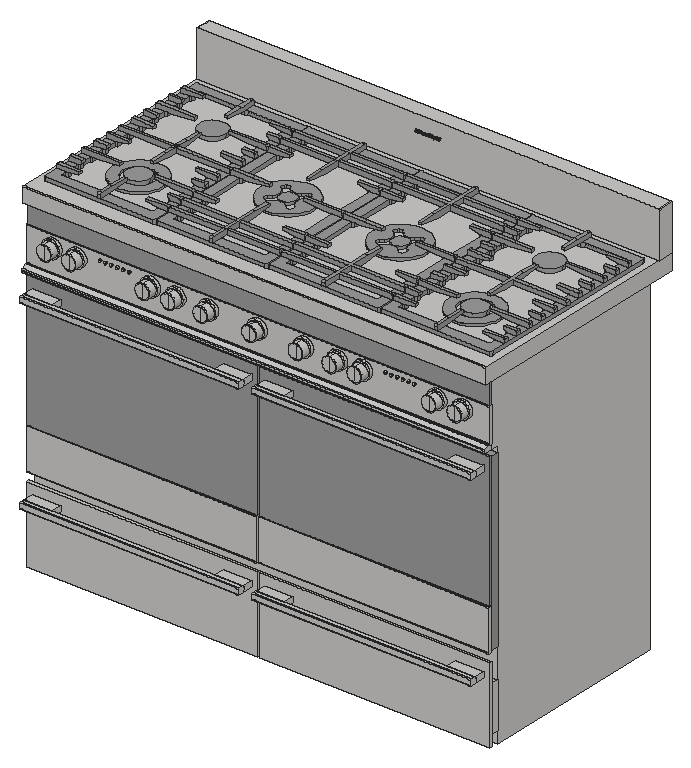
Revit family "Fisher & Paykel Cooker OR120DDWG", category Generic Models, host Floor, Revit 2013
Parameters (values of type "Fisher & Paykel - Freestanding Cooker OR129DDWG")
  URL = "http://www.fisherpaykel.com"
  Model = "OR120DDWG"
  Manufacturer = "Fisher & Paykel"
  Description = "Fisher & Paykel - Freestanding Cooker OR129DDWG"
  Cooktop = Iron, Cast
  Cooker = Stainless Steel
  Black Finish = Plastic, Opaque Black
Reference planes (in)
  plane 1 "Center (Front/Back)": y = 0
  plane 2: z = 0
  plane 3 "Center (Left/Right)": x = 0
Dimensions and locks (in)
  equal spacing: host sketch curve, plane 1 "Center (Front/Back)", host sketch curve
  equal spacing: host sketch curve, plane 3 "Center (Left/Right)", host sketch curve
  host sketch curve to host sketch curve = 10' - 0"  (x2)
  aligned and locked: level to plane 2
Nested families (in)
  nested 1: "old_Fisher & Paykel Cooker OR120DDWG" at (0, 0, 0), type "Fisher & Paykel - Cooker OR120DDWG"
Definition of nested family "old_Fisher & Paykel Cooker OR120DDWG"
  Parameters (values of type "Fisher & Paykel - Cooker OR120DDWG")
    URL = "http://www.fisherpaykel.com"
    Model = "OR120DDWG"
    Manufacturer = "Fisher & Paykel"
    Cooktop = Iron, Cast
    Cooker = Stainless Steel
    Black Finish = Plastic, Opaque Black
  Reference planes (in)
    plane 1 "Center (Front/Back)": y = 0
    plane 2: z = 0
    plane 3 "Center (Left/Right)": x = 0
    plane 4: z = 0
    plane 5: z = 0
  Forms (in)
    Extrusion 1, solid, material "Stainless Steel" <- "Cooker"
      sketch origin (0, 0, -0.2761) x (0, 1, 0) y (0, 0, 1)
        loop
          line (-11.14173, 28.62256) -> (-10.31496, 28.62256) -> (-10.31496, 1.53594) -> (9.05512, 1.53594) -> (9.05512, 34.92177) -> (-11.14173, 34.92177) -> (-11.14173, 28.62256)
      from -23.52362 to 23.52362
    Extrusion 2, solid, material "Plastic, Opaque Black" <- "Black Finish"
      sketch origin (23.52362, 0, -0.2761) x (0, 1, 0) y (0, 0, 1)
        loop
          line (-11.24409, 10.22098) -> (-11.14173, 10.22098) -> (-11.14173, 28.11075) -> (-11.29921, 28.11075) -> (-11.29921, 14.41783)
          arc (-11.29921, 14.41783) -> (-11.28538, 14.38443) -> (-11.25197, 14.37059) r 0.04724
          line (-11.25197, 14.37059) -> (-11.22047, 14.37059)
          arc (-11.22047, 14.37059) -> (-11.19263, 14.35906) -> (-11.1811, 14.33122) r 0.03937
          line (-11.1811, 14.33122) -> (-11.1811, 10.32334)
          arc (-11.1811, 10.32334) -> (-11.19384, 10.28536) -> (-11.22691, 10.26274) r 0.06299
          arc (-11.22691, 10.26274) -> (-11.24221, 10.24462) -> (-11.24409, 10.22098) r 0.03876
      from -23.4252 to 0
    Extrusion 3, solid, material "Stainless Steel" <- "Cooker"
      sketch origin (23.52362, -0.57174, -2.03572) x (0, 1, 0) y (0, 0, 1)
        loop
          line (-10.60937, 11.95698) -> (-10.60937, 16.20895) -> (-10.76291, 16.20895)
          arc (-10.76291, 16.20895) -> (-10.79353, 16.19627) -> (-10.80622, 16.16565) r 0.04331
          line (-10.80622, 16.16565) -> (-10.80622, 12.00029)
          arc (-10.80622, 12.00029) -> (-10.79353, 11.96967) -> (-10.76291, 11.95698) r 0.04331
          line (-10.76291, 11.95698) -> (-10.60937, 11.95698)
      from -23.4252 to 0
    Extrusion 4, solid, material "Plastic, Opaque Black" <- "Black Finish"
      sketch origin (23.52362, 0.51867, -0.36756) x (0, 1, 0) y (0, 0, 1)
        loop
          line (-11.6604, 28.16283) -> (-11.6604, 10.4463) -> (-10.83363, 10.4463) -> (-10.83363, 28.16283) -> (-11.6604, 28.16283)
      from -23.4252 to 0
    Extrusion 5, solid, material "Stainless Steel" <- "Cooker"
      sketch origin (23.52362, -2.64846, -6.92817) x (0, 1, 0) y (0, 0, 1)
        loop
          line (-8.41454, 15.98329) -> (-8.65076, 15.98329) -> (-8.65076, 8.18801) -> (-8.41454, 8.18801) -> (-8.41454, 15.98329)
      from -23.4252 to 0
    Extrusion 6, solid, material "Stainless Steel" <- "Cooker"
      sketch origin (23.52362, 2.57414, -4.40164) x (0, 1, 0) y (0, 0, 1)
        loop
          line (-13.63713, 6.84259) -> (-12.8891, 6.84259) -> (-12.8891, 11.48825) -> (-13.63713, 11.48825) -> (-13.63713, 6.84259)
      from -23.4252 to 0
    Extrusion 7, solid, material "Stainless Steel" <- "Cooker"
      sketch origin (23.52362, -4.55535, -6.76134) x (0, 1, 0) y (0, 0, 1)
        loop
          line (-7.90396, 14.83221) -> (-8.33835, 14.83221)
          arc (-8.33835, 14.83221) -> (-8.38011, 14.81491) -> (-8.39741, 14.77315) r 0.05906
          line (-8.39741, 14.77315) -> (-8.39741, 14.26134)
          arc (-8.39741, 14.26134) -> (-8.38011, 14.21958) -> (-8.33835, 14.20228) r 0.05906
          line (-8.33835, 14.20228) -> (-7.90396, 14.20228)
          arc (-7.90396, 14.20228) -> (-7.88695, 14.20615) -> (-7.87328, 14.21697) r 0.03937
          arc (-7.87328, 14.21697) -> (-7.76748, 14.51724) -> (-7.87328, 14.81752) r 0.479
          arc (-7.87328, 14.81752) -> (-7.88695, 14.82834) -> (-7.90396, 14.83221) r 0.03937
      from -22.83465 to -0.59843
    Extrusion 8, solid, material "Stainless Steel" <- "Cooker"
      sketch origin (0.09843, -4.55535, -6.76134) x (0, 1, 0) y (0, 0, -1)
        loop
          line (-6.74386, -14.82039) -> (-6.74386, -14.2141) -> (-7.87562, -14.2141)
          arc (-7.87562, -14.2141) -> (-7.76748, -14.51724) -> (-7.87562, -14.82039) r 0.479
          line (-7.87562, -14.82039) -> (-6.74386, -14.82039)
      from -3.4252 to -0.59843
    Extrusion 9, solid, material "Stainless Steel" <- "Cooker"
      sketch origin (23.52362, -4.55535, 12.01819) x (0, 1, 0) y (0, 0, 1)
        loop
          line (-7.90396, 14.83221) -> (-8.33835, 14.83221)
          arc (-8.33835, 14.83221) -> (-8.38011, 14.81491) -> (-8.39741, 14.77315) r 0.05906
          line (-8.39741, 14.77315) -> (-8.39741, 14.26134)
          arc (-8.39741, 14.26134) -> (-8.38011, 14.21958) -> (-8.33835, 14.20228) r 0.05906
          line (-8.33835, 14.20228) -> (-7.90396, 14.20228)
          arc (-7.90396, 14.20228) -> (-7.88695, 14.20615) -> (-7.87328, 14.21697) r 0.03937
          arc (-7.87328, 14.21697) -> (-7.76748, 14.51724) -> (-7.87328, 14.81752) r 0.479
          arc (-7.87328, 14.81752) -> (-7.88695, 14.82834) -> (-7.90396, 14.83221) r 0.03937
      from -22.83465 to -0.59843
    Extrusion 10, solid, material "Stainless Steel" <- "Cooker"
      sketch origin (0.09843, -4.55535, 12.01819) x (0, 1, 0) y (0, 0, -1)
        loop
          line (-6.74386, -14.82039) -> (-6.74386, -14.2141) -> (-7.87562, -14.2141)
          arc (-7.87562, -14.2141) -> (-7.76748, -14.51724) -> (-7.87562, -14.82039) r 0.479
          line (-7.87562, -14.82039) -> (-6.74386, -14.82039)
      from -3.4252 to -0.59843
    Revolve 11, solid, material "Stainless Steel" <- "Cooker"
      sketch origin (-0.01969, -0.57174, -2.03572) x (0, 1, 0) y (0, 0, 1)
        loop
          line (-11.88496, 34.08297) -> (-11.92433, 34.04359) -> (-11.92433, 33.33493) -> (-10.7511, 33.33493) -> (-10.7511, 34.24045) -> (-11.04263, 34.24045) -> (-11.10543, 34.12234) -> (-11.10543, 34.08297) -> (-11.88496, 34.08297)
        axis (-11.92433, 33.33493) -> (-10.7511, 33.33493)
      angle from 0 to 360
    Revolve 12, solid, material "Stainless Steel" <- "Cooker"
      sketch origin (4.70472, -0.57174, -2.03572) x (0, 1, 0) y (0, 0, 1)
        loop
          line (-11.88496, 34.08297) -> (-11.92433, 34.04359) -> (-11.92433, 33.33493) -> (-10.7511, 33.33493) -> (-10.7511, 34.24045) -> (-11.04263, 34.24045) -> (-11.10543, 34.12234) -> (-11.10543, 34.08297) -> (-11.88496, 34.08297)
        axis (-11.92433, 33.33493) -> (-10.7511, 33.33493)
      angle from 0 to 360
    Revolve 13, solid, material "Stainless Steel" <- "Cooker"
      sketch origin (8.12992, -0.57174, -2.03572) x (0, 1, 0) y (0, 0, 1)
        loop
          line (-11.88496, 34.08297) -> (-11.92433, 34.04359) -> (-11.92433, 33.33493) -> (-10.7511, 33.33493) -> (-10.7511, 34.24045) -> (-11.04263, 34.24045) -> (-11.10543, 34.12234) -> (-11.10543, 34.08297) -> (-11.88496, 34.08297)
        axis (-11.92433, 33.33493) -> (-10.7511, 33.33493)
      angle from 0 to 360
    Revolve 14, solid, material "Stainless Steel" <- "Cooker"
      sketch origin (10.68898, -0.57174, -2.03572) x (0, 1, 0) y (0, 0, 1)
        loop
          line (-11.88496, 34.08297) -> (-11.92433, 34.04359) -> (-11.92433, 33.33493) -> (-10.7511, 33.33493) -> (-10.7511, 34.24045) -> (-11.04263, 34.24045) -> (-11.10543, 34.12234) -> (-11.10543, 34.08297) -> (-11.88496, 34.08297)
        axis (-11.92433, 33.33493) -> (-10.7511, 33.33493)
      angle from 0 to 360
    Revolve 15, solid, material "Stainless Steel" <- "Cooker"
      sketch origin (18.24803, -0.57174, -2.03572) x (0, 1, 0) y (0, 0, 1)
        loop
          line (-11.88496, 34.08297) -> (-11.92433, 34.04359) -> (-11.92433, 33.33493) -> (-10.7511, 33.33493) -> (-10.7511, 34.24045) -> (-11.04263, 34.24045) -> (-11.10543, 34.12234) -> (-11.10543, 34.08297) -> (-11.88496, 34.08297)
        axis (-11.92433, 33.33493) -> (-10.7511, 33.33493)
      angle from 0 to 360
    Revolve 16, solid, material "Stainless Steel" <- "Cooker"
      sketch origin (20.84646, -0.57174, -2.03572) x (0, 1, 0) y (0, 0, 1)
        loop
          line (-11.88496, 34.08297) -> (-11.92433, 34.04359) -> (-11.92433, 33.33493) -> (-10.7511, 33.33493) -> (-10.7511, 34.24045) -> (-11.04263, 34.24045) -> (-11.10543, 34.12234) -> (-11.10543, 34.08297) -> (-11.88496, 34.08297)
        axis (-11.92433, 33.33493) -> (-10.7511, 33.33493)
      angle from 0 to 360
    Revolve 17, solid, material "Stainless Steel" <- "Cooker"
      sketch origin (-4.98031, -0.57174, -2.03572) x (0, 1, 0) y (0, 0, 1)
        loop
          line (-11.88496, 34.08297) -> (-11.92433, 34.04359) -> (-11.92433, 33.33493) -> (-10.7511, 33.33493) -> (-10.7511, 34.24045) -> (-11.04263, 34.24045) -> (-11.10543, 34.12234) -> (-11.10543, 34.08297) -> (-11.88496, 34.08297)
        axis (-11.92433, 33.33493) -> (-10.7511, 33.33493)
      angle from 0 to 360
    Revolve 18, solid, material "Stainless Steel" <- "Cooker"
      sketch origin (-8.2874, -0.57174, -2.03572) x (0, 1, 0) y (0, 0, 1)
        loop
          line (-11.88496, 34.08297) -> (-11.92433, 34.04359) -> (-11.92433, 33.33493) -> (-10.7511, 33.33493) -> (-10.7511, 34.24045) -> (-11.04263, 34.24045) -> (-11.10543, 34.12234) -> (-11.10543, 34.08297) -> (-11.88496, 34.08297)
        axis (-11.92433, 33.33493) -> (-10.7511, 33.33493)
      angle from 0 to 360
    Revolve 19, solid, material "Stainless Steel" <- "Cooker"
      sketch origin (-10.88583, -0.57174, -2.03572) x (0, 1, 0) y (0, 0, 1)
        loop
          line (-11.88496, 34.08297) -> (-11.92433, 34.04359) -> (-11.92433, 33.33493) -> (-10.7511, 33.33493) -> (-10.7511, 34.24045) -> (-11.04263, 34.24045) -> (-11.10543, 34.12234) -> (-11.10543, 34.08297) -> (-11.88496, 34.08297)
        axis (-11.92433, 33.33493) -> (-10.7511, 33.33493)
      angle from 0 to 360
    Revolve 20, solid, material "Stainless Steel" <- "Cooker"
      sketch origin (-18.36614, -0.57174, -2.03572) x (0, 1, 0) y (0, 0, 1)
        loop
          line (-11.88496, 34.08297) -> (-11.92433, 34.04359) -> (-11.92433, 33.33493) -> (-10.7511, 33.33493) -> (-10.7511, 34.24045) -> (-11.04263, 34.24045) -> (-11.10543, 34.12234) -> (-11.10543, 34.08297) -> (-11.88496, 34.08297)
        axis (-11.92433, 33.33493) -> (-10.7511, 33.33493)
      angle from 0 to 360
    Revolve 21, solid, material "Stainless Steel" <- "Cooker"
      sketch origin (-20.88583, -0.57174, -2.03572) x (0, 1, 0) y (0, 0, 1)
        loop
          line (-11.88496, 34.08297) -> (-11.92433, 34.04359) -> (-11.92433, 33.33493) -> (-10.7511, 33.33493) -> (-10.7511, 34.24045) -> (-11.04263, 34.24045) -> (-11.10543, 34.12234) -> (-11.10543, 34.08297) -> (-11.88496, 34.08297)
        axis (-11.92433, 33.33493) -> (-10.7511, 33.33493)
      angle from 0 to 360
    Extrusion 22, solid, material "Stainless Steel" <- "Cooker"
      sketch origin (0.09843, -0.57174, -2.03572) x (0, -1, 0) y (0, 0, 1)
        loop
          line (10.57, 30.97273) -> (10.57, 30.38218) -> (11.29441, 30.38218)
          arc (11.29441, 30.38218) -> (11.33895, 30.40063) -> (11.3574, 30.44517) r 0.06299
          line (11.3574, 30.44517) -> (11.3574, 30.67792)
          arc (11.3574, 30.67792) -> (11.34896, 30.70942) -> (11.3259, 30.73247) r 0.06299
          line (11.3259, 30.73247) -> (10.90976, 30.97273) -> (10.70385, 30.97273) -> (10.57, 30.97273)
      from -23.4252 to 23.62205
    Extrusion 23, solid, material "Stainless Steel" <- "Cooker"
      sketch origin (-23.52362, -0.57174, -2.03572) x (0, -1, 0) y (0, 0, 1)
        loop
          line (10.57, 30.97273) -> (10.70385, 30.97273)
          arc (10.70385, 30.97273) -> (10.73726, 30.98657) -> (10.7511, 31.01998) r 0.04724
          line (10.7511, 31.01998) -> (10.7511, 34.4688)
          arc (10.7511, 34.4688) -> (10.73726, 34.50221) -> (10.70385, 34.51605) r 0.04724
          line (10.70385, 34.51605) -> (10.57, 34.51605) -> (10.57, 30.97273)
      from -47.08661 to 0.03937
    Extrusion 24, solid, material "Stainless Steel" <- "Cooker"
      sketch origin (-23.52362, 0, -0.2761) x (0, -1, 0) y (0, 0, 1)
        loop
          line (-11.81102, 36.49657) -> (-11.81102, 34.92177) -> (11.81102, 34.92177) -> (11.81102, 36.41783)
          arc (11.81102, 36.41783) -> (11.78796, 36.47351) -> (11.73228, 36.49657) r 0.07874
          line (11.73228, 36.49657) -> (-11.81102, 36.49657)
      from -47.04724 to 0
    Extrusion 25, solid, material "Plastic, Opaque Black" <- "Black Finish"
      sketch origin (-23.52362, 0, -0.2761) x (0, 1, 0) y (0, 0, -1)
        loop
          arc (-11.24409, -10.22098) -> (-11.24221, -10.24462) -> (-11.22691, -10.26274) r 0.03876
          arc (-11.22691, -10.26274) -> (-11.19384, -10.28536) -> (-11.1811, -10.32334) r 0.06299
          line (-11.1811, -10.32334) -> (-11.1811, -14.33122)
          arc (-11.1811, -14.33122) -> (-11.19263, -14.35906) -> (-11.22047, -14.37059) r 0.03937
          line (-11.22047, -14.37059) -> (-11.25197, -14.37059)
          arc (-11.25197, -14.37059) -> (-11.28538, -14.38443) -> (-11.29921, -14.41783) r 0.04724
          line (-11.29921, -14.41783) -> (-11.29921, -28.11075) -> (-11.14173, -28.11075) -> (-11.14173, -10.22098) -> (-11.24409, -10.22098)
      from -23.4252 to 0
    Extrusion 26, solid, material "Stainless Steel" <- "Cooker"
      sketch origin (-23.52362, -0.57174, -2.03572) x (0, 1, 0) y (0, 0, -1)
        loop
          line (-10.60937, -11.95698) -> (-10.76291, -11.95698)
          arc (-10.76291, -11.95698) -> (-10.79353, -11.96967) -> (-10.80622, -12.00029) r 0.04331
          line (-10.80622, -12.00029) -> (-10.80622, -16.16565)
          arc (-10.80622, -16.16565) -> (-10.79353, -16.19627) -> (-10.76291, -16.20895) r 0.04331
          line (-10.76291, -16.20895) -> (-10.60937, -16.20895) -> (-10.60937, -11.95698)
      from -23.4252 to 0
    Extrusion 27, solid, material "Plastic, Opaque Black" <- "Black Finish"
      sketch origin (-23.52362, 0.51867, -0.36756) x (0, 1, 0) y (0, 0, -1)
        loop
          line (-11.6604, -28.16283) -> (-10.83363, -28.16283) -> (-10.83363, -10.4463) -> (-11.6604, -10.4463) -> (-11.6604, -28.16283)
      from -23.4252 to 0
    Extrusion 28, solid, material "Stainless Steel" <- "Cooker"
      sketch origin (-23.52362, -2.64846, -6.92817) x (0, 1, 0) y (0, 0, -1)
        loop
          line (-8.41454, -15.98329) -> (-8.41454, -8.18801) -> (-8.65076, -8.18801) -> (-8.65076, -15.98329) -> (-8.41454, -15.98329)
      from -23.4252 to 0
    Extrusion 29, solid, material "Stainless Steel" <- "Cooker"
      sketch origin (-23.52362, 2.57414, -4.40164) x (0, 1, 0) y (0, 0, -1)
        loop
          line (-13.63713, -6.84259) -> (-13.63713, -11.48825) -> (-12.8891, -11.48825) -> (-12.8891, -6.84259) -> (-13.63713, -6.84259)
      from -23.4252 to 0
    Extrusion 30, solid, material "Stainless Steel" <- "Cooker"
      sketch origin (-23.52362, -4.55535, -6.76134) x (0, 1, 0) y (0, 0, -1)
        loop
          arc (-7.90396, -14.83221) -> (-7.88695, -14.82834) -> (-7.87328, -14.81752) r 0.03937
          arc (-7.87328, -14.81752) -> (-7.76748, -14.51724) -> (-7.87328, -14.21697) r 0.479
          arc (-7.87328, -14.21697) -> (-7.88695, -14.20615) -> (-7.90396, -14.20228) r 0.03937
          line (-7.90396, -14.20228) -> (-8.33835, -14.20228)
          arc (-8.33835, -14.20228) -> (-8.38011, -14.21958) -> (-8.39741, -14.26134) r 0.05906
          line (-8.39741, -14.26134) -> (-8.39741, -14.77315)
          arc (-8.39741, -14.77315) -> (-8.38011, -14.81491) -> (-8.33835, -14.83221) r 0.05906
          line (-8.33835, -14.83221) -> (-7.90396, -14.83221)
      from -22.83465 to -0.59843
    Extrusion 31, solid, material "Stainless Steel" <- "Cooker"
      sketch origin (-0.09843, -4.55535, -6.76134) x (0, 1, 0) y (0, 0, 1)
        loop
          line (-6.74386, 14.82039) -> (-7.87562, 14.82039)
          arc (-7.87562, 14.82039) -> (-7.76748, 14.51724) -> (-7.87562, 14.2141) r 0.479
          line (-7.87562, 14.2141) -> (-6.74386, 14.2141) -> (-6.74386, 14.82039)
      from -3.4252 to -0.59843
    Extrusion 32, solid, material "Stainless Steel" <- "Cooker"
      sketch origin (-23.52362, -4.55535, 12.01819) x (0, 1, 0) y (0, 0, -1)
        loop
          arc (-7.90396, -14.83221) -> (-7.88695, -14.82834) -> (-7.87328, -14.81752) r 0.03937
          arc (-7.87328, -14.81752) -> (-7.76748, -14.51724) -> (-7.87328, -14.21697) r 0.479
          arc (-7.87328, -14.21697) -> (-7.88695, -14.20615) -> (-7.90396, -14.20228) r 0.03937
          line (-7.90396, -14.20228) -> (-8.33835, -14.20228)
          arc (-8.33835, -14.20228) -> (-8.38011, -14.21958) -> (-8.39741, -14.26134) r 0.05906
          line (-8.39741, -14.26134) -> (-8.39741, -14.77315)
          arc (-8.39741, -14.77315) -> (-8.38011, -14.81491) -> (-8.33835, -14.83221) r 0.05906
          line (-8.33835, -14.83221) -> (-7.90396, -14.83221)
      from -22.83465 to -0.59843
    Extrusion 33, solid, material "Stainless Steel" <- "Cooker"
      sketch origin (-0.09843, -4.55535, 12.01819) x (0, 1, 0) y (0, 0, 1)
        loop
          line (-6.74386, 14.82039) -> (-7.87562, 14.82039)
          arc (-7.87562, 14.82039) -> (-7.76748, 14.51724) -> (-7.87562, 14.2141) r 0.479
          line (-7.87562, 14.2141) -> (-6.74386, 14.2141) -> (-6.74386, 14.82039)
      from -3.4252 to -0.59843
    Revolve 34, solid, material "Stainless Steel" <- "Cooker"
      sketch origin (-10.82677, -8.34646, 15) x (0, 0, 1) y (-1, 0, 0)
        loop
          line (-13.74016, -30.51181) -> (-15, -30.51181) -> (-15, -31.20079) -> (-14.72441, -31.20079) -> (-14.72441, -30.70866) -> (-13.74016, -30.70866) -> (-13.74016, -30.51181)
        axis (-15, -30.51181) -> (-13.74016, -30.51181)
      angle from 0 to 360
    Revolve 35, solid, material "Stainless Steel" <- "Cooker"
      sketch origin (-10.82677, 7.40157, 15) x (0, 0, 1) y (1, 0, 0)
        loop
          line (-13.74016, 30.51181) -> (-13.74016, 30.70866) -> (-14.72441, 30.70866) -> (-14.72441, 31.20079) -> (-15, 31.20079) -> (-15, 30.51181) -> (-13.74016, 30.51181)
        axis (-15, 30.51181) -> (-13.74016, 30.51181)
      angle from 0 to 360
    Revolve 36, solid, material "Stainless Steel" <- "Cooker"
      sketch origin (10.82677, -8.34646, 15) x (0, 0, 1) y (-1, 0, 0)
        loop
          line (-13.74016, 30.51181) -> (-13.74016, 30.70866) -> (-14.72441, 30.70866) -> (-14.72441, 31.20079) -> (-15, 31.20079) -> (-15, 30.51181) -> (-13.74016, 30.51181)
        axis (-15, 30.51181) -> (-13.74016, 30.51181)
      angle from 0 to 360
    Revolve 37, solid, material "Stainless Steel" <- "Cooker"
      sketch origin (10.82677, 7.40157, 15) x (0, 0, 1) y (1, 0, 0)
        loop
          line (-13.74016, -30.51181) -> (-15, -30.51181) -> (-15, -31.20079) -> (-14.72441, -31.20079) -> (-14.72441, -30.70866) -> (-13.74016, -30.70866) -> (-13.74016, -30.51181)
        axis (-15, -30.51181) -> (-13.74016, -30.51181)
      angle from 0 to 360
    Extrusion 38, solid, material "Stainless Steel" <- "Cooker"
      sketch origin (0, 9.64567, -0.2761) x (0, 1, 0) y (0, 0, 1)
        loop
          line (-0.59055, 34.92177) -> (-0.59055, 5.70917) -> (2.16535, 5.70917) -> (2.16535, 34.92177) -> (-0.59055, 34.92177)
      from -19.88189 to 18.99606
    Extrusion 39, solid, material "Iron, Cast" <- "Cooktop"
      sketch origin (0, 0, 36.22047) x (1, 0, 0) y (0, 1, 0)
        loop
          spline (11.45669, -9.94106) -> (11.45838, -9.96675) -> (11.46339, -9.992) -> (11.47166, -10.01637) -> (11.48304, -10.03945) -> (11.49734, -10.06084) -> (11.5143, -10.08019) -> (11.53364, -10.09715) -> (11.55504, -10.11145) -> (11.57812, -10.12282) -> (11.60249, -10.13109) -> (11.62774, -10.13611) -> (11.65342, -10.1378)
          line (11.65342, -10.1378) -> (22.59855, -10.1378)
          spline (22.59855, -10.1378) -> (22.62423, -10.13611) -> (22.64948, -10.13109) -> (22.67385, -10.12282) -> (22.69693, -10.11145) -> (22.71832, -10.09715) -> (22.73767, -10.08019) -> (22.75463, -10.06084) -> (22.76893, -10.03945) -> (22.78031, -10.01637) -> (22.78857, -9.992) -> (22.79359, -9.96675) -> (22.79528, -9.94106)
          line (22.79528, -9.94106) -> (22.79528, 9.11429)
          spline (22.79528, 9.11429) -> (22.79359, 9.13998) -> (22.78857, 9.16523) -> (22.78031, 9.1896) -> (22.76893, 9.21268) -> (22.75463, 9.23407) -> (22.73767, 9.25342) -> (22.71832, 9.27038) -> (22.69693, 9.28467) -> (22.67385, 9.29605) -> (22.64948, 9.30432) -> (22.62423, 9.30934) -> (22.59855, 9.31102)
          line (22.59855, 9.31102) -> (11.65342, 9.31102)
          spline (11.65342, 9.31102) -> (11.62774, 9.30934) -> (11.60249, 9.30432) -> (11.57812, 9.29605) -> (11.55504, 9.28467) -> (11.53364, 9.27038) -> (11.5143, 9.25342) -> (11.49734, 9.23407) -> (11.48304, 9.21268) -> (11.47166, 9.1896) -> (11.46339, 9.16523) -> (11.45838, 9.13998) -> (11.45669, 9.11429)
          line (11.45669, 9.11429) -> (11.45669, -9.94106)
        loop
          line (12.63396, 7.61714) -> (12.63396, 7.30412)
          arc (12.63396, 7.30412) -> (12.49727, 7.24538) -> (12.44094, 7.10769) r 0.19646
          line (12.44094, 7.10769) -> (12.44095, 6.22481)
          arc (12.44095, 6.22481) -> (12.49697, 6.08743) -> (12.63308, 6.0284) r 0.19646
          line (12.63308, 6.0284) -> (12.63308, 5.74326)
          arc (12.63308, 5.74326) -> (12.49696, 5.68422) -> (12.44094, 5.54685) r 0.19646
          line (12.44094, 5.54685) -> (12.44095, 4.67285)
          arc (12.44095, 4.67285) -> (12.49779, 4.53463) -> (12.63544, 4.4764) r 0.19646
          line (12.63544, 4.4764) -> (12.63544, 4.14565)
          arc (12.63544, 4.14565) -> (12.49779, 4.08742) -> (12.44094, 3.9492) r 0.19646
          line (12.44094, 3.9492) -> (12.44095, 3.0752)
          arc (12.44095, 3.0752) -> (12.49697, 2.93782) -> (12.63308, 2.87879) r 0.19646
          line (12.63308, 2.87879) -> (12.63308, 2.59365)
          arc (12.63308, 2.59365) -> (12.49696, 2.53462) -> (12.44094, 2.39724) r 0.19646
          line (12.44094, 2.39724) -> (12.44095, 1.51436)
          arc (12.44095, 1.51436) -> (12.49727, 1.37666) -> (12.63396, 1.31793) r 0.19646
          line (12.63396, 1.31793) -> (12.63396, 1.00491)
          arc (12.63396, 1.00491) -> (12.49727, 0.94617) -> (12.44094, 0.80848) r 0.19646
          line (12.44094, 0.80848) -> (12.44094, -0.04822)
          arc (12.44094, -0.04822) -> (12.49799, -0.18664) -> (12.63599, -0.24467) r 0.19646
          line (12.63599, -0.24467) -> (12.63599, -0.5821)
          arc (12.63599, -0.5821) -> (12.49799, -0.64013) -> (12.44094, -0.77855) r 0.19646
          line (12.44094, -0.77855) -> (12.44094, -1.63525)
          arc (12.44094, -1.63525) -> (12.49727, -1.77294) -> (12.63396, -1.83168) r 0.19646
          line (12.63396, -1.83168) -> (12.63396, -2.1447)
          arc (12.63396, -2.1447) -> (12.49727, -2.20343) -> (12.44094, -2.34113) r 0.19646
          line (12.44094, -2.34113) -> (12.44094, -3.22401)
          arc (12.44094, -3.22401) -> (12.50337, -3.36764) -> (12.65096, -3.42) r 0.19646
          line (12.65096, -3.42) -> (12.65096, -3.70598)
          arc (12.65096, -3.70598) -> (12.50337, -3.75834) -> (12.44094, -3.90197) r 0.19646
          line (12.44094, -3.90197) -> (12.44094, -4.77597)
          arc (12.44094, -4.77597) -> (12.49779, -4.91419) -> (12.63544, -4.97242) r 0.19646
          line (12.63544, -4.97242) -> (12.63544, -5.30317)
          arc (12.63544, -5.30317) -> (12.49779, -5.3614) -> (12.44094, -5.49962) r 0.19646
          line (12.44094, -5.49962) -> (12.44094, -6.37362)
          arc (12.44094, -6.37362) -> (12.49696, -6.511) -> (12.63308, -6.57003) r 0.19646
          line (12.63308, -6.57003) -> (12.63308, -6.85517)
          arc (12.63308, -6.85517) -> (12.49697, -6.9142) -> (12.44094, -7.05158) r 0.19646
          line (12.44094, -7.05158) -> (12.44094, -7.93446)
          arc (12.44094, -7.93446) -> (12.49727, -8.07216) -> (12.63396, -8.13089) r 0.19646
          line (12.63396, -8.13089) -> (12.63396, -8.44391)
          arc (12.63396, -8.44391) -> (12.49744, -8.50247) -> (12.44094, -8.63985) r 0.19646
          line (12.44094, -8.63985) -> (12.44094, -8.95669)
          arc (12.44094, -8.95669) -> (12.4986, -9.09589) -> (12.6378, -9.15354) r 0.19685
          line (12.6378, -9.15354) -> (16.76657, -9.15354)
          arc (16.76657, -9.15354) -> (16.90465, -9.09684) -> (16.96302, -8.95945) r 0.19646
          line (16.96302, -8.95945) -> (17.28895, -8.95945)
          arc (17.28895, -8.95945) -> (17.34732, -9.09684) -> (17.4854, -9.15354) r 0.19646
          line (17.4854, -9.15354) -> (21.61417, -9.15354)
          arc (21.61417, -9.15354) -> (21.75337, -9.09589) -> (21.81102, -8.95669) r 0.19685
          line (21.81102, -8.95669) -> (21.81102, -8.63985)
          arc (21.81102, -8.63985) -> (21.75452, -8.50247) -> (21.61801, -8.44391) r 0.19646
          line (21.61801, -8.44391) -> (21.61801, -8.13089)
          arc (21.61801, -8.13089) -> (21.7547, -8.07216) -> (21.81102, -7.93446) r 0.19646
          line (21.81102, -7.93446) -> (21.81102, -7.05158)
          arc (21.81102, -7.05158) -> (21.755, -6.9142) -> (21.61889, -6.85517) r 0.19646
          line (21.61889, -6.85517) -> (21.61889, -6.57003)
          arc (21.61889, -6.57003) -> (21.755, -6.511) -> (21.81102, -6.37362) r 0.19646
          line (21.81102, -6.37362) -> (21.81102, -5.49962)
          arc (21.81102, -5.49962) -> (21.75418, -5.3614) -> (21.61653, -5.30317) r 0.19646
          line (21.61653, -5.30317) -> (21.61653, -4.97242)
          arc (21.61653, -4.97242) -> (21.75418, -4.91419) -> (21.81102, -4.77597) r 0.19646
          line (21.81102, -4.77597) -> (21.81102, -3.90197)
          arc (21.81102, -3.90197) -> (21.7486, -3.75834) -> (21.60101, -3.70598) r 0.19646
          line (21.60101, -3.70598) -> (21.60101, -3.42)
          arc (21.60101, -3.42) -> (21.7486, -3.36764) -> (21.81102, -3.22401) r 0.19646
          line (21.81102, -3.22401) -> (21.81102, -2.34113)
          arc (21.81102, -2.34113) -> (21.7547, -2.20343) -> (21.61801, -2.1447) r 0.19646
          line (21.61801, -2.1447) -> (21.61801, -1.83168)
          arc (21.61801, -1.83168) -> (21.7547, -1.77294) -> (21.81102, -1.63525) r 0.19646
          line (21.81102, -1.63525) -> (21.81102, -0.77855)
          arc (21.81102, -0.77855) -> (21.75398, -0.64013) -> (21.61598, -0.5821) r 0.19646
          line (21.61598, -0.5821) -> (21.61598, -0.24467)
          arc (21.61598, -0.24467) -> (21.75398, -0.18664) -> (21.81102, -0.04822) r 0.19646
          line (21.81102, -0.04822) -> (21.81102, 0.80848)
          arc (21.81102, 0.80848) -> (21.7547, 0.94617) -> (21.61801, 1.00491) r 0.19646
          line (21.61801, 1.00491) -> (21.61801, 1.31793)
          arc (21.61801, 1.31793) -> (21.7547, 1.37666) -> (21.81102, 1.51436) r 0.19646
          line (21.81102, 1.51436) -> (21.81102, 2.39724)
          arc (21.81102, 2.39724) -> (21.755, 2.53462) -> (21.61889, 2.59365) r 0.19646
          line (21.61889, 2.59365) -> (21.61889, 2.87879)
          arc (21.61889, 2.87879) -> (21.755, 2.93782) -> (21.81102, 3.0752) r 0.19646
          line (21.81102, 3.0752) -> (21.81102, 3.9492)
          arc (21.81102, 3.9492) -> (21.75418, 4.08742) -> (21.61653, 4.14565) r 0.19646
          line (21.61653, 4.14565) -> (21.61653, 4.4764)
          arc (21.61653, 4.4764) -> (21.75418, 4.53463) -> (21.81102, 4.67285) r 0.19646
          line (21.81102, 4.67285) -> (21.81102, 5.54685)
          arc (21.81102, 5.54685) -> (21.755, 5.68422) -> (21.61889, 5.74326) r 0.19646
          line (21.61889, 5.74326) -> (21.61889, 6.0284)
          arc (21.61889, 6.0284) -> (21.755, 6.08743) -> (21.81102, 6.22481) r 0.19646
          line (21.81102, 6.22481) -> (21.81102, 7.10769)
          arc (21.81102, 7.10769) -> (21.7547, 7.24538) -> (21.61801, 7.30412) r 0.19646
          line (21.61801, 7.30412) -> (21.61801, 7.61714)
          arc (21.61801, 7.61714) -> (21.7547, 7.67588) -> (21.81102, 7.81357) r 0.19646
          line (21.81102, 7.81357) -> (21.81102, 8.12992)
          arc (21.81102, 8.12992) -> (21.75337, 8.26912) -> (21.61417, 8.32677) r 0.19685
          line (21.61417, 8.32677) -> (17.4854, 8.32677)
          arc (17.4854, 8.32677) -> (17.34732, 8.27007) -> (17.28895, 8.13268) r 0.19646
          line (17.28895, 8.13268) -> (16.96302, 8.13268)
          arc (16.96302, 8.13268) -> (16.90465, 8.27007) -> (16.76657, 8.32677) r 0.19646
          line (16.76657, 8.32677) -> (12.6378, 8.32677)
          arc (12.6378, 8.32677) -> (12.4986, 8.26912) -> (12.44094, 8.12992) r 0.19685
          line (12.44094, 8.12992) -> (12.44095, 7.81357)
          arc (12.44095, 7.81357) -> (12.49727, 7.67588) -> (12.63396, 7.61714) r 0.19646
      from 0 to 0.37402
    Extrusion 40, solid, material "Iron, Cast" <- "Cooktop"
      sketch origin (-10.82677, -9.84853, 15) x (0, 0, 1) y (-1, 0, 0)
        loop
          line (22.08661, -31.37795) -> (22.04724, -29.68504) -> (21.81102, -29.68504) -> (21.59449, -31.76589) -> (21.59449, -33.60967) -> (21.97263, -33.59647)
          arc (21.97263, -33.59647) -> (22.05347, -33.56048) -> (22.08661, -33.47843) r 0.11811
          line (22.08661, -33.47843) -> (22.08661, -31.37795)
      from -4.87255 to -4.54893
    Extrusion 41, solid, material "Iron, Cast" <- "Cooktop"
      sketch origin (-10.82677, 9.02176, 15) x (0, 0, 1) y (1, 0, 0)
        loop
          line (22.08661, 31.37795) -> (22.08661, 33.47843)
          arc (22.08661, 33.47843) -> (22.05347, 33.56048) -> (21.97263, 33.59647) r 0.11811
          line (21.97263, 33.59647) -> (21.59449, 33.60967) -> (21.59449, 31.76589) -> (21.81102, 29.68504) -> (22.04724, 29.68504) -> (22.08661, 31.37795)
      from -4.87255 to -4.54893
    Extrusion 42, solid, material "Iron, Cast" <- "Cooktop"
      sketch origin (21.83672, -23.64173, 15) x (0, 0, 1) y (0, -1, 0)
        loop
          line (22.08661, -31.37795) -> (22.04724, -29.68504) -> (21.81102, -29.68504) -> (21.59449, -31.76589) -> (21.59449, -32.95215) -> (21.97263, -32.93895)
          arc (21.97263, -32.93895) -> (22.05347, -32.90295) -> (22.08661, -32.82091) r 0.11811
          line (22.08661, -32.82091) -> (22.08661, -31.37795)
      from -4.87255 to -4.54893
    Extrusion 43, solid, material "Iron, Cast" <- "Cooktop"
      sketch origin (21.83672, 32.26378, 15) x (0, 0, 1) y (0, -1, 0)
        loop
          line (22.08661, 31.37795) -> (22.08661, 32.82091)
          arc (22.08661, 32.82091) -> (22.05347, 32.90295) -> (21.97263, 32.93895) r 0.11811
          line (21.97263, 32.93895) -> (21.59449, 32.95215) -> (21.59449, 31.76589) -> (21.81102, 29.68504) -> (22.04724, 29.68504) -> (22.08661, 31.37795)
      from -4.87255 to -4.54893
    Extrusion 44, solid, material "Iron, Cast" <- "Cooktop"
      sketch origin (21.83672, 22.81496, 15) x (0, 0, 1) y (0, -1, 0)
        loop
          line (22.08661, 31.37795) -> (22.08661, 32.82091)
          arc (22.08661, 32.82091) -> (22.05347, 32.90295) -> (21.97263, 32.93895) r 0.11811
          line (21.97263, 32.93895) -> (21.59449, 32.95215) -> (21.59449, 31.76589) -> (21.81102, 29.68504) -> (22.04724, 29.68504) -> (22.08661, 31.37795)
      from -4.87255 to -4.54893
    Extrusion 45, solid, material "Iron, Cast" <- "Cooktop"
      sketch origin (21.83672, -33.09055, 15) x (0, 0, 1) y (0, -1, 0)
        loop
          line (22.08661, -31.37795) -> (22.04724, -29.68504) -> (21.81102, -29.68504) -> (21.59449, -31.76589) -> (21.59449, -32.95215) -> (21.97263, -32.93895)
          arc (21.97263, -32.93895) -> (22.05347, -32.90295) -> (22.08661, -32.82091) r 0.11811
          line (22.08661, -32.82091) -> (22.08661, -31.37795)
      from -4.87255 to -4.54893
    Extrusion 46, solid, material "Iron, Cast" <- "Cooktop"
      sketch origin (50.23995, 4.29735, 15) x (0, 0, 1) y (1, 0, 0)
        loop
          line (22.08661, -31.37795) -> (21.99779, -27.5584)
          arc (21.99779, -27.5584) -> (21.96321, -27.47913) -> (21.88388, -27.44467) r 0.11811
          line (21.88388, -27.44467) -> (21.59449, -27.44467) -> (21.59449, -32.95215) -> (22.08661, -32.95215) -> (22.08661, -31.37795)
      from -4.87255 to -4.54893
    Extrusion 47, solid, material "Iron, Cast" <- "Cooktop"
      sketch origin (-15.98798, 4.29735, 15) x (0, 0, 1) y (1, 0, 0)
        loop
          line (22.08661, 31.37795) -> (22.08661, 32.95215) -> (21.59449, 32.95215) -> (21.59449, 27.44467) -> (21.88388, 27.44467)
          arc (21.88388, 27.44467) -> (21.96321, 27.47913) -> (21.99779, 27.5584) r 0.11811
          line (21.99779, 27.5584) -> (22.08661, 31.37795)
      from -4.87255 to -4.54893
    Extrusion 48, solid, material "Iron, Cast" <- "Cooktop"
      sketch origin (-10.82677, -11.42702, 15) x (0, 0, 1) y (-1, 0, 0)
        loop
          line (22.08655, -33.47454) -> (22.04724, -32.28346) -> (21.80198, -32.28346) -> (21.59449, -32.6378) -> (21.59449, -33.60967) -> (21.97263, -33.59647)
          arc (21.97263, -33.59647) -> (22.05481, -33.55906) -> (22.08655, -33.47454) r 0.11811
      from -4.87255 to -4.54893
    Extrusion 49, solid, material "Iron, Cast" <- "Cooktop"
      sketch origin (-10.82677, -12.99814, 15) x (0, 0, 1) y (-1, 0, 0)
        loop
          line (22.04724, -31.37795) -> (21.81102, -31.37795) -> (21.59449, -32.63779) -> (21.59449, -33.60967) -> (21.97263, -33.59647)
          arc (21.97263, -33.59647) -> (22.05347, -33.56048) -> (22.08661, -33.47843) r 0.11811
          line (22.08661, -33.47843) -> (22.04724, -31.37795)
      from -4.87255 to -4.54893
    Extrusion 50, solid, material "Iron, Cast" <- "Cooktop"
      sketch origin (-10.82677, 1.15142, 15) x (0, 0, 1) y (1, 0, 0)
        loop
          arc (22.08655, 33.47454) -> (22.05481, 33.55906) -> (21.97263, 33.59647) r 0.11811
          line (21.97263, 33.59647) -> (21.59449, 33.60967) -> (21.59449, 32.6378) -> (21.80198, 32.28346) -> (22.04724, 32.28346) -> (22.08655, 33.47454)
      from -4.87255 to -4.54893
    Extrusion 51, solid, material "Iron, Cast" <- "Cooktop"
      sketch origin (-10.82677, 2.72255, 15) x (0, 0, 1) y (1, 0, 0)
        loop
          line (22.04724, 31.37795) -> (22.08661, 33.47843)
          arc (22.08661, 33.47843) -> (22.05347, 33.56048) -> (21.97263, 33.59647) r 0.11811
          line (21.97263, 33.59647) -> (21.59449, 33.60967) -> (21.59449, 32.63779) -> (21.81102, 31.37795) -> (22.04724, 31.37795)
      from -4.87255 to -4.54893
    Extrusion 52, solid, material "Iron, Cast" <- "Cooktop"
      sketch origin (-10.82677, -1.9782, 15) x (0, 0, 1) y (-1, 0, 0)
        loop
          line (22.08655, -33.47454) -> (22.04724, -32.28346) -> (21.80198, -32.28346) -> (21.59449, -32.6378) -> (21.59449, -33.60967) -> (21.97263, -33.59647)
          arc (21.97263, -33.59647) -> (22.05481, -33.55906) -> (22.08655, -33.47454) r 0.11811
      from -4.87255 to -4.54893
    Extrusion 53, solid, material "Iron, Cast" <- "Cooktop"
      sketch origin (-10.82677, -3.54932, 15) x (0, 0, 1) y (-1, 0, 0)
        loop
          line (22.04724, -31.37795) -> (21.81102, -31.37795) -> (21.59449, -32.63779) -> (21.59449, -33.60967) -> (21.97263, -33.59647)
          arc (21.97263, -33.59647) -> (22.05347, -33.56048) -> (22.08661, -33.47843) r 0.11811
          line (22.08661, -33.47843) -> (22.04724, -31.37795)
      from -4.87255 to -4.54893
    Extrusion 54, solid, material "Iron, Cast" <- "Cooktop"
      sketch origin (-10.82677, 10.60024, 15) x (0, 0, 1) y (1, 0, 0)
        loop
          arc (22.08655, 33.47454) -> (22.05481, 33.55906) -> (21.97263, 33.59647) r 0.11811
          line (21.97263, 33.59647) -> (21.59449, 33.60967) -> (21.59449, 32.6378) -> (21.80198, 32.28346) -> (22.04724, 32.28346) -> (22.08655, 33.47454)
      from -4.87255 to -4.54893
    Extrusion 55, solid, material "Iron, Cast" <- "Cooktop"
      sketch origin (-10.82677, 12.17137, 15) x (0, 0, 1) y (1, 0, 0)
        loop
          line (22.04724, 31.37795) -> (22.08661, 33.47843)
          arc (22.08661, 33.47843) -> (22.05347, 33.56048) -> (21.97263, 33.59647) r 0.11811
          line (21.97263, 33.59647) -> (21.59449, 33.60967) -> (21.59449, 32.63779) -> (21.81102, 31.37795) -> (22.04724, 31.37795)
      from -4.87255 to -4.54893
    Extrusion 56, solid, material "Iron, Cast" <- "Cooktop"
      sketch origin (45.07874, -9.84853, 15) x (0, 0, 1) y (-1, 0, 0)
        loop
          line (22.08661, 31.37795) -> (22.08661, 33.47843)
          arc (22.08661, 33.47843) -> (22.05347, 33.56048) -> (21.97263, 33.59647) r 0.11811
          line (21.97263, 33.59647) -> (21.59449, 33.60967) -> (21.59449, 31.76589) -> (21.81102, 29.68504) -> (22.04724, 29.68504) -> (22.08661, 31.37795)
      from -4.87255 to -4.54893
    Extrusion 57, solid, material "Iron, Cast" <- "Cooktop"
      sketch origin (45.07874, 9.02176, 15) x (0, 0, 1) y (1, 0, 0)
        loop
          line (22.08661, -31.37795) -> (22.04724, -29.68504) -> (21.81102, -29.68504) -> (21.59449, -31.76589) -> (21.59449, -33.60967) -> (21.97263, -33.59647)
          arc (21.97263, -33.59647) -> (22.05347, -33.56048) -> (22.08661, -33.47843) r 0.11811
          line (22.08661, -33.47843) -> (22.08661, -31.37795)
      from -4.87255 to -4.54893
    Extrusion 58, solid, material "Iron, Cast" <- "Cooktop"
      sketch origin (45.07874, -11.42702, 15) x (0, 0, 1) y (-1, 0, 0)
        loop
          arc (22.08655, 33.47454) -> (22.05481, 33.55906) -> (21.97263, 33.59647) r 0.11811
          line (21.97263, 33.59647) -> (21.59449, 33.60967) -> (21.59449, 32.6378) -> (21.80198, 32.28346) -> (22.04724, 32.28346) -> (22.08655, 33.47454)
      from -4.87255 to -4.54893
    Extrusion 59, solid, material "Iron, Cast" <- "Cooktop"
      sketch origin (45.07874, -12.99814, 15) x (0, 0, 1) y (-1, 0, 0)
        loop
          line (22.04724, 31.37795) -> (22.08661, 33.47843)
          arc (22.08661, 33.47843) -> (22.05347, 33.56048) -> (21.97263, 33.59647) r 0.11811
          line (21.97263, 33.59647) -> (21.59449, 33.60967) -> (21.59449, 32.63779) -> (21.81102, 31.37795) -> (22.04724, 31.37795)
      from -4.87255 to -4.54893
    Extrusion 60, solid, material "Iron, Cast" <- "Cooktop"
      sketch origin (45.07874, 1.15142, 15) x (0, 0, 1) y (1, 0, 0)
        loop
          line (22.08655, -33.47454) -> (22.04724, -32.28346) -> (21.80198, -32.28346) -> (21.59449, -32.6378) -> (21.59449, -33.60967) -> (21.97263, -33.59647)
          arc (21.97263, -33.59647) -> (22.05481, -33.55906) -> (22.08655, -33.47454) r 0.11811
      from -4.87255 to -4.54893
    Extrusion 61, solid, material "Iron, Cast" <- "Cooktop"
      sketch origin (45.07874, 2.72255, 15) x (0, 0, 1) y (1, 0, 0)
        loop
          line (22.04724, -31.37795) -> (21.81102, -31.37795) -> (21.59449, -32.63779) -> (21.59449, -33.60967) -> (21.97263, -33.59647)
          arc (21.97263, -33.59647) -> (22.05347, -33.56048) -> (22.08661, -33.47843) r 0.11811
          line (22.08661, -33.47843) -> (22.04724, -31.37795)
      from -4.87255 to -4.54893
    Extrusion 62, solid, material "Iron, Cast" <- "Cooktop"
      sketch origin (45.07874, -1.9782, 15) x (0, 0, 1) y (-1, 0, 0)
        loop
          arc (22.08655, 33.47454) -> (22.05481, 33.55906) -> (21.97263, 33.59647) r 0.11811
          line (21.97263, 33.59647) -> (21.59449, 33.60967) -> (21.59449, 32.6378) -> (21.80198, 32.28346) -> (22.04724, 32.28346) -> (22.08655, 33.47454)
      from -4.87255 to -4.54893
    Extrusion 63, solid, material "Iron, Cast" <- "Cooktop"
      sketch origin (45.07874, -3.54932, 15) x (0, 0, 1) y (-1, 0, 0)
        loop
          line (22.04724, 31.37795) -> (22.08661, 33.47843)
          arc (22.08661, 33.47843) -> (22.05347, 33.56048) -> (21.97263, 33.59647) r 0.11811
          line (21.97263, 33.59647) -> (21.59449, 33.60967) -> (21.59449, 32.63779) -> (21.81102, 31.37795) -> (22.04724, 31.37795)
      from -4.87255 to -4.54893
    Extrusion 64, solid, material "Iron, Cast" <- "Cooktop"
      sketch origin (45.07874, 10.60024, 15) x (0, 0, 1) y (1, 0, 0)
        loop
          line (22.08655, -33.47454) -> (22.04724, -32.28346) -> (21.80198, -32.28346) -> (21.59449, -32.6378) -> (21.59449, -33.60967) -> (21.97263, -33.59647)
          arc (21.97263, -33.59647) -> (22.05481, -33.55906) -> (22.08655, -33.47454) r 0.11811
      from -4.87255 to -4.54893
    Extrusion 65, solid, material "Iron, Cast" <- "Cooktop"
      sketch origin (45.07874, 12.17137, 15) x (0, 0, 1) y (1, 0, 0)
        loop
          line (22.04724, -31.37795) -> (21.81102, -31.37795) -> (21.59449, -32.63779) -> (21.59449, -33.60967) -> (21.97263, -33.59647)
          arc (21.97263, -33.59647) -> (22.05347, -33.56048) -> (22.08661, -33.47843) r 0.11811
          line (22.08661, -33.47843) -> (22.04724, -31.37795)
      from -4.87255 to -4.54893
    Extrusion 66, solid, material "Iron, Cast" <- "Cooktop"
      sketch origin (0, 0, 33.66142) x (1, 0, 0) y (0, 1, 0)
        loop
          circle (17.12598, -5.1378) r 1.1811
        loop
          circle (17.12598, 4.31102) r 1.35827
      from 2.55906 to 2.93307
    Extrusion 67, solid, material "Iron, Cast" <- "Cooktop"
      sketch origin (0, 0, 36.22047) x (1, 0, 0) y (0, 1, 0)
        loop
          circle (17.12598, -5.1378) r 1.5748
        loop
          circle (17.12598, -5.1378) r 2.59843
      from 0 to 0.19685
    Extrusion 68, solid, material "Iron, Cast" <- "Cooktop"
      sketch origin (0, 0, 36.22047) x (-1, 0, 0) y (0, -1, 0)
        loop
          line (11.45669, 9.94106) -> (11.45669, -9.11429)
          spline (11.45669, -9.11429) -> (11.45838, -9.13998) -> (11.46339, -9.16523) -> (11.47166, -9.1896) -> (11.48304, -9.21268) -> (11.49734, -9.23407) -> (11.5143, -9.25342) -> (11.53364, -9.27038) -> (11.55504, -9.28467) -> (11.57812, -9.29605) -> (11.60249, -9.30432) -> (11.62774, -9.30934) -> (11.65342, -9.31102)
          line (11.65342, -9.31102) -> (22.59855, -9.31102)
          spline (22.59855, -9.31102) -> (22.62423, -9.30934) -> (22.64948, -9.30432) -> (22.67385, -9.29605) -> (22.69693, -9.28467) -> (22.71832, -9.27038) -> (22.73767, -9.25342) -> (22.75463, -9.23407) -> (22.76893, -9.21268) -> (22.78031, -9.1896) -> (22.78857, -9.16523) -> (22.79359, -9.13998) -> (22.79528, -9.11429)
          line (22.79528, -9.11429) -> (22.79528, 9.94106)
          spline (22.79528, 9.94106) -> (22.79359, 9.96675) -> (22.78857, 9.992) -> (22.78031, 10.01637) -> (22.76893, 10.03945) -> (22.75463, 10.06084) -> (22.73767, 10.08019) -> (22.71832, 10.09715) -> (22.69693, 10.11145) -> (22.67385, 10.12282) -> (22.64948, 10.13109) -> (22.62423, 10.13611) -> (22.59855, 10.1378)
          line (22.59855, 10.1378) -> (11.65342, 10.1378)
          spline (11.65342, 10.1378) -> (11.62774, 10.13611) -> (11.60249, 10.13109) -> (11.57812, 10.12282) -> (11.55504, 10.11145) -> (11.53364, 10.09715) -> (11.5143, 10.08019) -> (11.49734, 10.06084) -> (11.48304, 10.03945) -> (11.47166, 10.01637) -> (11.46339, 9.992) -> (11.45838, 9.96675) -> (11.45669, 9.94106)
        loop
          arc (12.63396, -7.61714) -> (12.49727, -7.67588) -> (12.44095, -7.81357) r 0.19646
          line (12.44095, -7.81357) -> (12.44094, -8.12992)
          arc (12.44094, -8.12992) -> (12.4986, -8.26912) -> (12.6378, -8.32677) r 0.19685
          line (12.6378, -8.32677) -> (16.76657, -8.32677)
          arc (16.76657, -8.32677) -> (16.90465, -8.27007) -> (16.96302, -8.13268) r 0.19646
          line (16.96302, -8.13268) -> (17.28895, -8.13268)
          arc (17.28895, -8.13268) -> (17.34732, -8.27007) -> (17.4854, -8.32677) r 0.19646
          line (17.4854, -8.32677) -> (21.61417, -8.32677)
          arc (21.61417, -8.32677) -> (21.75337, -8.26912) -> (21.81102, -8.12992) r 0.19685
          line (21.81102, -8.12992) -> (21.81102, -7.81357)
          arc (21.81102, -7.81357) -> (21.7547, -7.67588) -> (21.61801, -7.61714) r 0.19646
          line (21.61801, -7.61714) -> (21.61801, -7.30412)
          arc (21.61801, -7.30412) -> (21.7547, -7.24538) -> (21.81102, -7.10769) r 0.19646
          line (21.81102, -7.10769) -> (21.81102, -6.22481)
          arc (21.81102, -6.22481) -> (21.755, -6.08743) -> (21.61889, -6.0284) r 0.19646
          line (21.61889, -6.0284) -> (21.61889, -5.74326)
          arc (21.61889, -5.74326) -> (21.755, -5.68422) -> (21.81102, -5.54685) r 0.19646
          line (21.81102, -5.54685) -> (21.81102, -4.67285)
          arc (21.81102, -4.67285) -> (21.75418, -4.53463) -> (21.61653, -4.4764) r 0.19646
          line (21.61653, -4.4764) -> (21.61653, -4.14565)
          arc (21.61653, -4.14565) -> (21.75418, -4.08742) -> (21.81102, -3.9492) r 0.19646
          line (21.81102, -3.9492) -> (21.81102, -3.0752)
          arc (21.81102, -3.0752) -> (21.755, -2.93782) -> (21.61889, -2.87879) r 0.19646
          line (21.61889, -2.87879) -> (21.61889, -2.59365)
          arc (21.61889, -2.59365) -> (21.755, -2.53462) -> (21.81102, -2.39724) r 0.19646
          line (21.81102, -2.39724) -> (21.81102, -1.51436)
          arc (21.81102, -1.51436) -> (21.7547, -1.37666) -> (21.61801, -1.31793) r 0.19646
          line (21.61801, -1.31793) -> (21.61801, -1.00491)
          arc (21.61801, -1.00491) -> (21.7547, -0.94617) -> (21.81102, -0.80848) r 0.19646
          line (21.81102, -0.80848) -> (21.81102, 0.04822)
          arc (21.81102, 0.04822) -> (21.75398, 0.18664) -> (21.61598, 0.24467) r 0.19646
          line (21.61598, 0.24467) -> (21.61598, 0.5821)
          arc (21.61598, 0.5821) -> (21.75398, 0.64013) -> (21.81102, 0.77855) r 0.19646
          line (21.81102, 0.77855) -> (21.81102, 1.63525)
          arc (21.81102, 1.63525) -> (21.7547, 1.77294) -> (21.61801, 1.83168) r 0.19646
          line (21.61801, 1.83168) -> (21.61801, 2.1447)
          arc (21.61801, 2.1447) -> (21.7547, 2.20343) -> (21.81102, 2.34113) r 0.19646
          line (21.81102, 2.34113) -> (21.81102, 3.22401)
          arc (21.81102, 3.22401) -> (21.7486, 3.36764) -> (21.60101, 3.42) r 0.19646
          line (21.60101, 3.42) -> (21.60101, 3.70598)
          arc (21.60101, 3.70598) -> (21.7486, 3.75834) -> (21.81102, 3.90197) r 0.19646
          line (21.81102, 3.90197) -> (21.81102, 4.77597)
          arc (21.81102, 4.77597) -> (21.75418, 4.91419) -> (21.61653, 4.97242) r 0.19646
          line (21.61653, 4.97242) -> (21.61653, 5.30317)
          arc (21.61653, 5.30317) -> (21.75418, 5.3614) -> (21.81102, 5.49962) r 0.19646
          line (21.81102, 5.49962) -> (21.81102, 6.37362)
          arc (21.81102, 6.37362) -> (21.755, 6.511) -> (21.61889, 6.57003) r 0.19646
          line (21.61889, 6.57003) -> (21.61889, 6.85517)
          arc (21.61889, 6.85517) -> (21.755, 6.9142) -> (21.81102, 7.05158) r 0.19646
          line (21.81102, 7.05158) -> (21.81102, 7.93446)
          arc (21.81102, 7.93446) -> (21.7547, 8.07216) -> (21.61801, 8.13089) r 0.19646
          line (21.61801, 8.13089) -> (21.61801, 8.44391)
          arc (21.61801, 8.44391) -> (21.75452, 8.50247) -> (21.81102, 8.63985) r 0.19646
          line (21.81102, 8.63985) -> (21.81102, 8.95669)
          arc (21.81102, 8.95669) -> (21.75337, 9.09589) -> (21.61417, 9.15354) r 0.19685
          line (21.61417, 9.15354) -> (17.4854, 9.15354)
          arc (17.4854, 9.15354) -> (17.34732, 9.09684) -> (17.28895, 8.95945) r 0.19646
          line (17.28895, 8.95945) -> (16.96302, 8.95945)
          arc (16.96302, 8.95945) -> (16.90465, 9.09684) -> (16.76657, 9.15354) r 0.19646
          line (16.76657, 9.15354) -> (12.6378, 9.15354)
          arc (12.6378, 9.15354) -> (12.4986, 9.09589) -> (12.44094, 8.95669) r 0.19685
          line (12.44094, 8.95669) -> (12.44094, 8.63985)
          arc (12.44094, 8.63985) -> (12.49744, 8.50247) -> (12.63396, 8.44391) r 0.19646
          line (12.63396, 8.44391) -> (12.63396, 8.13089)
          arc (12.63396, 8.13089) -> (12.49727, 8.07216) -> (12.44094, 7.93446) r 0.19646
          line (12.44094, 7.93446) -> (12.44094, 7.05158)
          arc (12.44094, 7.05158) -> (12.49697, 6.9142) -> (12.63308, 6.85517) r 0.19646
          line (12.63308, 6.85517) -> (12.63308, 6.57003)
          arc (12.63308, 6.57003) -> (12.49696, 6.511) -> (12.44094, 6.37362) r 0.19646
          line (12.44094, 6.37362) -> (12.44094, 5.49962)
          arc (12.44094, 5.49962) -> (12.49779, 5.3614) -> (12.63544, 5.30317) r 0.19646
          line (12.63544, 5.30317) -> (12.63544, 4.97242)
          arc (12.63544, 4.97242) -> (12.49779, 4.91419) -> (12.44094, 4.77597) r 0.19646
          line (12.44094, 4.77597) -> (12.44094, 3.90197)
          arc (12.44094, 3.90197) -> (12.50337, 3.75834) -> (12.65096, 3.70598) r 0.19646
          line (12.65096, 3.70598) -> (12.65096, 3.42)
          arc (12.65096, 3.42) -> (12.50337, 3.36764) -> (12.44094, 3.22401) r 0.19646
          line (12.44094, 3.22401) -> (12.44094, 2.34113)
          arc (12.44094, 2.34113) -> (12.49727, 2.20343) -> (12.63396, 2.1447) r 0.19646
          line (12.63396, 2.1447) -> (12.63396, 1.83168)
          arc (12.63396, 1.83168) -> (12.49727, 1.77294) -> (12.44094, 1.63525) r 0.19646
          line (12.44094, 1.63525) -> (12.44094, 0.77855)
          arc (12.44094, 0.77855) -> (12.49799, 0.64013) -> (12.63599, 0.5821) r 0.19646
          line (12.63599, 0.5821) -> (12.63599, 0.24467)
          arc (12.63599, 0.24467) -> (12.49799, 0.18664) -> (12.44094, 0.04822) r 0.19646
          line (12.44094, 0.04822) -> (12.44094, -0.80848)
          arc (12.44094, -0.80848) -> (12.49727, -0.94617) -> (12.63396, -1.00491) r 0.19646
          line (12.63396, -1.00491) -> (12.63396, -1.31793)
          arc (12.63396, -1.31793) -> (12.49727, -1.37666) -> (12.44095, -1.51436) r 0.19646
          line (12.44095, -1.51436) -> (12.44094, -2.39724)
          arc (12.44094, -2.39724) -> (12.49696, -2.53462) -> (12.63308, -2.59365) r 0.19646
          line (12.63308, -2.59365) -> (12.63308, -2.87879)
          arc (12.63308, -2.87879) -> (12.49697, -2.93782) -> (12.44095, -3.0752) r 0.19646
          line (12.44095, -3.0752) -> (12.44094, -3.9492)
          arc (12.44094, -3.9492) -> (12.49779, -4.08742) -> (12.63544, -4.14565) r 0.19646
          line (12.63544, -4.14565) -> (12.63544, -4.4764)
          arc (12.63544, -4.4764) -> (12.49779, -4.53463) -> (12.44095, -4.67285) r 0.19646
          line (12.44095, -4.67285) -> (12.44094, -5.54685)
          arc (12.44094, -5.54685) -> (12.49696, -5.68422) -> (12.63308, -5.74326) r 0.19646
          line (12.63308, -5.74326) -> (12.63308, -6.0284)
          arc (12.63308, -6.0284) -> (12.49697, -6.08743) -> (12.44095, -6.22481) r 0.19646
          line (12.44095, -6.22481) -> (12.44094, -7.10769)
          arc (12.44094, -7.10769) -> (12.49727, -7.24538) -> (12.63396, -7.30412) r 0.19646
          line (12.63396, -7.30412) -> (12.63396, -7.61714)
      from 0 to 0.37402
    Extrusion 69, solid, material "Iron, Cast" <- "Cooktop"
      sketch origin (10.82677, -9.84853, 15) x (0, 0, 1) y (-1, 0, 0)
        loop
          line (22.08661, 31.37795) -> (22.08661, 33.47843)
          arc (22.08661, 33.47843) -> (22.05347, 33.56048) -> (21.97263, 33.59647) r 0.11811
          line (21.97263, 33.59647) -> (21.59449, 33.60967) -> (21.59449, 31.76589) -> (21.81102, 29.68504) -> (22.04724, 29.68504) -> (22.08661, 31.37795)
      from -4.87255 to -4.54893
    Extrusion 70, solid, material "Iron, Cast" <- "Cooktop"
      sketch origin (10.82677, 9.02176, 15) x (0, 0, 1) y (1, 0, 0)
        loop
          line (22.08661, -31.37795) -> (22.04724, -29.68504) -> (21.81102, -29.68504) -> (21.59449, -31.76589) -> (21.59449, -33.60967) -> (21.97263, -33.59647)
          arc (21.97263, -33.59647) -> (22.05347, -33.56048) -> (22.08661, -33.47843) r 0.11811
          line (22.08661, -33.47843) -> (22.08661, -31.37795)
      from -4.87255 to -4.54893
    Extrusion 71, solid, material "Iron, Cast" <- "Cooktop"
      sketch origin (-21.83672, -23.64173, 15) x (0, 0, 1) y (0, 1, 0)
        loop
          line (22.08661, 31.37795) -> (22.08661, 32.82091)
          arc (22.08661, 32.82091) -> (22.05347, 32.90295) -> (21.97263, 32.93895) r 0.11811
          line (21.97263, 32.93895) -> (21.59449, 32.95215) -> (21.59449, 31.76589) -> (21.81102, 29.68504) -> (22.04724, 29.68504) -> (22.08661, 31.37795)
      from -4.87255 to -4.54893
    Extrusion 72, solid, material "Iron, Cast" <- "Cooktop"
      sketch origin (-21.83672, 32.26378, 15) x (0, 0, 1) y (0, 1, 0)
        loop
          line (22.08661, -31.37795) -> (22.04724, -29.68504) -> (21.81102, -29.68504) -> (21.59449, -31.76589) -> (21.59449, -32.95215) -> (21.97263, -32.93895)
          arc (21.97263, -32.93895) -> (22.05347, -32.90295) -> (22.08661, -32.82091) r 0.11811
          line (22.08661, -32.82091) -> (22.08661, -31.37795)
      from -4.87255 to -4.54893
    Extrusion 73, solid, material "Iron, Cast" <- "Cooktop"
      sketch origin (-21.83672, 22.81496, 15) x (0, 0, 1) y (0, 1, 0)
        loop
          line (22.08661, -31.37795) -> (22.04724, -29.68504) -> (21.81102, -29.68504) -> (21.59449, -31.76589) -> (21.59449, -32.95215) -> (21.97263, -32.93895)
          arc (21.97263, -32.93895) -> (22.05347, -32.90295) -> (22.08661, -32.82091) r 0.11811
          line (22.08661, -32.82091) -> (22.08661, -31.37795)
      from -4.87255 to -4.54893
    Extrusion 74, solid, material "Iron, Cast" <- "Cooktop"
      sketch origin (-21.83672, -33.09055, 15) x (0, 0, 1) y (0, 1, 0)
        loop
          line (22.08661, 31.37795) -> (22.08661, 32.82091)
          arc (22.08661, 32.82091) -> (22.05347, 32.90295) -> (21.97263, 32.93895) r 0.11811
          line (21.97263, 32.93895) -> (21.59449, 32.95215) -> (21.59449, 31.76589) -> (21.81102, 29.68504) -> (22.04724, 29.68504) -> (22.08661, 31.37795)
      from -4.87255 to -4.54893
    Extrusion 75, solid, material "Iron, Cast" <- "Cooktop"
      sketch origin (-50.23995, 4.29735, 15) x (0, 0, 1) y (1, 0, 0)
        loop
          line (22.08661, 31.37795) -> (22.08661, 32.95215) -> (21.59449, 32.95215) -> (21.59449, 27.44467) -> (21.88388, 27.44467)
          arc (21.88388, 27.44467) -> (21.96321, 27.47913) -> (21.99779, 27.5584) r 0.11811
          line (21.99779, 27.5584) -> (22.08661, 31.37795)
      from -4.87255 to -4.54893
    Extrusion 76, solid, material "Iron, Cast" <- "Cooktop"
      sketch origin (15.98798, 4.29735, 15) x (0, 0, 1) y (1, 0, 0)
        loop
          line (22.08661, -31.37795) -> (21.99779, -27.5584)
          arc (21.99779, -27.5584) -> (21.96321, -27.47913) -> (21.88388, -27.44467) r 0.11811
          line (21.88388, -27.44467) -> (21.59449, -27.44467) -> (21.59449, -32.95215) -> (22.08661, -32.95215) -> (22.08661, -31.37795)
      from -4.87255 to -4.54893
    Extrusion 77, solid, material "Iron, Cast" <- "Cooktop"
      sketch origin (10.82677, -11.42702, 15) x (0, 0, 1) y (-1, 0, 0)
        loop
          arc (22.08655, 33.47454) -> (22.05481, 33.55906) -> (21.97263, 33.59647) r 0.11811
          line (21.97263, 33.59647) -> (21.59449, 33.60967) -> (21.59449, 32.6378) -> (21.80198, 32.28346) -> (22.04724, 32.28346) -> (22.08655, 33.47454)
      from -4.87255 to -4.54893
    Extrusion 78, solid, material "Iron, Cast" <- "Cooktop"
      sketch origin (10.82677, -12.99814, 15) x (0, 0, 1) y (-1, 0, 0)
        loop
          line (22.04724, 31.37795) -> (22.08661, 33.47843)
          arc (22.08661, 33.47843) -> (22.05347, 33.56048) -> (21.97263, 33.59647) r 0.11811
          line (21.97263, 33.59647) -> (21.59449, 33.60967) -> (21.59449, 32.63779) -> (21.81102, 31.37795) -> (22.04724, 31.37795)
      from -4.87255 to -4.54893
    Extrusion 79, solid, material "Iron, Cast" <- "Cooktop"
      sketch origin (10.82677, 1.15142, 15) x (0, 0, 1) y (1, 0, 0)
        loop
          line (22.08655, -33.47454) -> (22.04724, -32.28346) -> (21.80198, -32.28346) -> (21.59449, -32.6378) -> (21.59449, -33.60967) -> (21.97263, -33.59647)
          arc (21.97263, -33.59647) -> (22.05481, -33.55906) -> (22.08655, -33.47454) r 0.11811
      from -4.87255 to -4.54893
    Extrusion 80, solid, material "Iron, Cast" <- "Cooktop"
      sketch origin (10.82677, 2.72255, 15) x (0, 0, 1) y (1, 0, 0)
        loop
          line (22.04724, -31.37795) -> (21.81102, -31.37795) -> (21.59449, -32.63779) -> (21.59449, -33.60967) -> (21.97263, -33.59647)
